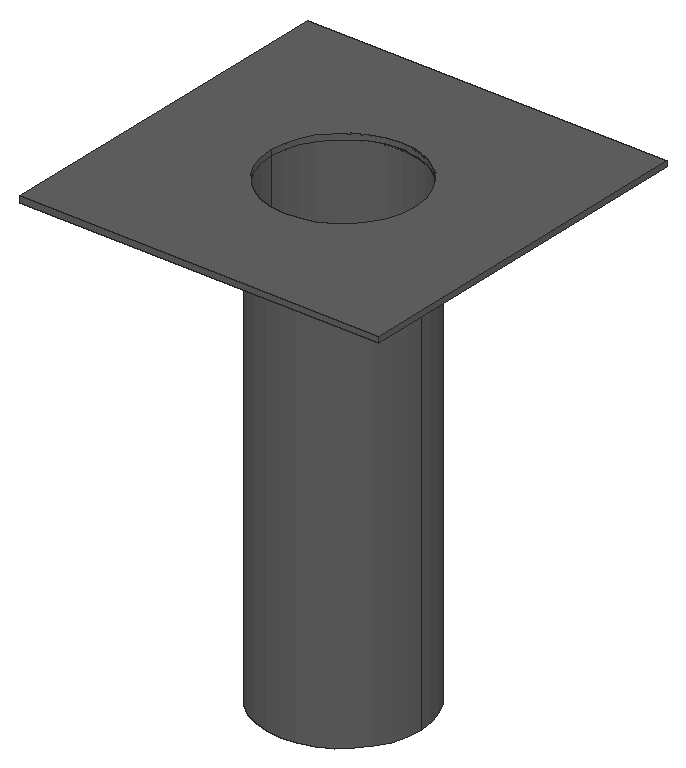
Revit family "Roofing-Aquaknight-Butynol_Dropper_DN100", category Plumbing Fixtures, Revit 2016
Family settings
  Part Type = Normal
  Round Connector Dimension = Use Diameter
  OmniClass Number = 23.60.30.11
  OmniClass Title = Pipework Products for General Use
  Work Plane-Based = No
  Always vertical = Yes
  Cut with Voids When Loaded = No
  Shared = No
  Room Calculation Point = No
Parameters (values of type "DN100")
  Width = 230.00 mm
  URL = "www.aquaknight.co.nz"
  Pipe Joint Location = 149.50 mm
  Phone = "+6498322214"  # constant formula
  Model = "2100.108"
  Max Weir Flow = 7.5 L/s
  Manufacturer = "Aquaknight Industries Ltd"  # constant formula
  Length = 299.00 mm
  Flow [instance] = 7.5 L/s
  Extrusion End = 3.50 mm
  Email = "info@aquaknight.co.nz"  # constant formula
  Drain Radius = Drain Diameter / 2  # 50.00 mm
  Drain Interior Radius = Drain Interior Diameter / 2  # 46.50 mm
  Drain Interior Diameter = 93.00 mm
  Drain Diameter = 100.00 mm
  Description = "Butynol Dropper 300x100"
  Depth = 230.00 mm
  DN = 100
  Connector Diameter = 100.00 mm
  400mm Head Flow = 0.0 L/s
  250mm Head Flow = 0.0 L/s
Reference planes
  plane 1 "Center (Front/Back)": y = 0
  plane 2: z = 0
  plane 3 "Center (Left/Right)": x = 0
  plane 4: x = -115
  plane 5: x = 115
  plane 6: y = 115
  plane 7: y = -115
  plane 8: z = -295.5
  plane 9: z = -149.5
  plane 10: z = 3.5
Forms (mm)
  Extrusion 1, solid, material "Aquanight-MDPE"
    sketch origin (0, 0, 0) x (1, 0, 0) y (0, 1, 0)
      loop
        line (-115, 115) -> (-115, -115) -> (115, -115) -> (115, 115) -> (-115, 115)
      loop
        circle (0, 0) r 46.5
    from 0 to 3.5
  Extrusion 2, solid, material "Aquanight-MDPE"
    sketch origin (0, 0, 0) x (1, 0, 0) y (0, 1, 0)
      loop
        circle (0, 0) r 46.5
      loop
        circle (0, 0) r 50
    from 0 to -295.5
Dimensions and locks
  equal spacing: plane 6, plane 1 "Center (Front/Back)", plane 7
  equal spacing: plane 4, plane 3 "Center (Left/Right)", plane 5
  "Depth": plane 6 to plane 7
  "Width": plane 4 to plane 5
  "Length": plane 10 to plane 8
  "Pipe Joint Location": level to plane 9
  locked: connector elem to plane 3 "Center (Left/Right)" at 0
  locked: connector elem to plane 1 "Center (Front/Back)" at 0
  "Extrusion End": plane 10 to level
  "Drain Interior Radius": radius of Extrusion 1 sketch curve
  "Drain Interior Radius": radius of Extrusion 2 sketch curve
  "Drain Radius": radius of Extrusion 2 sketch curve
  aligned and locked: level to plane 2
  aligned and locked: Extrusion 1 sketch curve to plane 4
  aligned and locked: Extrusion 1 sketch curve to plane 6
  aligned and locked: Extrusion 1 sketch curve to plane 5
  aligned and locked: Extrusion 1 sketch curve to plane 7
  aligned and locked: plane 1 "Center (Front/Back)" to Extrusion 1 sketch curve
  aligned and locked: plane 3 "Center (Left/Right)" to Extrusion 1 sketch curve
  aligned and locked: Extrusion 2 to plane 8
  aligned and locked: Extrusion 1 to plane 10
Automatic sketch dimensions
  Extrusion 2 sketch curve to Extrusion 2 sketch curve = 0.00 mm  (x2)
  plane 1 "Center (Front/Back)" to Extrusion 2 sketch curve = 0.00 mm
  Extrusion 2 sketch curve to plane 3 "Center (Left/Right)" = 0.00 mm
Connectors
  piping at (0, 0, -149.5), diameter 100, driven by "Flow", driven by "Connector Diameter"
    settings: on plane 9, index 2, connector inside diameter 609.6 mm, connector length 0.00 mm, flow factor 0, pipe flow 7.5 L/s, pressure drop 0.0 Pa, fitting loss kfactor 0, connector angle 0.00°, fixture units 0, engagement length 0.00 mm, angle of deflection 0.00°, flow configuration 1, flow direction 2, fitting loss method 0, system type 28, joint type 0, gender type 0, connector reference index -1, connector utility 0, adjustable connector no, is connector primary yes, connector description ""
